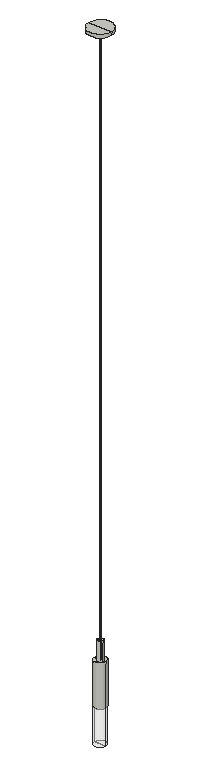
Revit family "Hemera_MIM_Mia-micro-suspension_R21", category Lighting Fixtures, host Ceiling, Revit 2021
Family settings
  Host = Ceiling
  Round Connector Dimension = Use Diameter
  Part Type = Normal
  OmniClass Number = 23.80.70.11
  OmniClass Title = Luminaries for Internal Lighting
  Always vertical = Yes
  Cut with Voids When Loaded = No
  Light Source = Yes
  Shared = No
  Room Calculation Point = No
Parameters (values of type "MIM-31-COC-SM-COB-5W/90/35K-REM-MC-UNV")
  Wattage = 6.05 W
  built-in parameter 1150110 = 1 (stored number, unit not read)
  HL_Wattage [instance] = if(HL_Voltage_120V, 6.1 W, 6.8 W)  # 6.1 W
  HL_Voltage_120V [instance] = yes
  HL_Voltage [instance] = if(HL_Voltage_120V, 120 V, 277 V)  # 120 V
  HL_URL = "http://www.hemeralighting.org/pdf/mia-micro-suspension"
  HL_CylinderSize = 76.20 mm
  HL_Suspension [instance] = if(HL_CableLength < 101.60 mm, 101.60 mm, if(HL_CableLength > 9144.00 mm, 9144.00 mm, HL_CableLength))  # 1219.20 mm
  HL_CordDiameter = if(HL_COC, 3.18 mm / 2, 6.35 mm / 2)  # 1.59 mm
  HL_CanopyRadius = HL_CanopyDiameter / 2  # 25.40 mm
  HL_REM-MC = not(HL_D010)  # yes
  HL_NumberofPoles = 1
  HL_Model = "MIA Micro-Suspension"  # constant formula
  HL_CableLength [instance] = 1219.20 mm
  HL_LoadClassification = Eclairage
  HL_CanopyHeigth = 6.35 mm  # constant formula
  HL_Frequency = 60 Hz
  HL_FinishCanopy = 31-Polished nickel plated
  HL_FinishCylinder = 31-Polished nickel plated
  HL_FinishCable = COC-Coaxial cable
  HL_Manufacturer = "Hèmèra Inc."  # constant formula
  HL_CanopyDiameter = 50.80 mm  # constant formula
  HL_CableStart = if(HL_D010, 10.92 mm + 1.65 mm + 19.05 mm, 6.35 mm + 9.53 mm)  # 15.88 mm
  HL_D010 = no
  HL_ProductCode = "MIM"  # constant formula
  HL_FeatureCode = "MIM-31-COC-SM-COB-5W/90/35K-REM-MC-UNV"
  HL_COC = yes
  HL_Amperage [instance] = if(HL_Voltage_120V, 0.05 A, 0.03 A)  # 0.05 A
  Photometric Web File = "MIM.IES"
  built-in parameter 1114217 = 0.7 (stored number, unit not read)
  built-in parameter 1150109 = 1 (stored number, unit not read)
  Emit from Circle Diameter = 50.80 mm  # constant formula
  Emit Shape Visible in Rendering = no
  built-in parameter 1150134 = (empty or 0)
  built-in parameter 1150113 = 1 (stored number, unit not read)
  Lumens = 315.205 lm
  built-in parameter 1150115 = 1 (stored number, unit not read)
  built-in parameter 1150105 = 25.083 (stored number, unit not read)
  built-in parameter 1150137 = (empty or 0)
  built-in parameter 1150139 = (empty or 0)
  built-in parameter 1150112 = 1 (stored number, unit not read)
  built-in parameter 1150114 = 1 (stored number, unit not read)
  built-in parameter 1150132 = (empty or 0)
  built-in parameter 1150102 = (empty or 0)
  built-in parameter 1150138 = (empty or 0)
  built-in parameter 1150107 = 3500 (stored number, unit not read)
  built-in parameter 1150106 = 0.25083 (stored number, unit not read)
  built-in parameter 1150104 = 4.8402 (stored number, unit not read)
  Dimming Lamp Color Temperature Shift = <None>
  Default Elevation = 0.00 mm
  Color Filter = 16777215
  built-in parameter 1114218 = 1 (stored number, unit not read)
  Tilt Angle = 90.00°  # constant formula
  built-in parameter 1150133 = 10 (stored number, unit not read)
Reference planes
  plane 1 "Light Source Axis (F/B)": y = 0
  plane 2 "Ceiling": z = 2438.4
  plane 3 "Light Source Axis (L/R)": x = 0
  plane 4 "Light Source Elevation": z = 1114.42
  plane 5: z = 1203.32
  plane 6: z = 2422.52
  plane 7: z = 2427.478
  plane 8: z = 2425.827
  plane 9: z = 2406.777
  plane 10: x = -57.15
  plane 11: x = 57.15
  plane 12: x = -63.5
  plane 13: x = 63.5
  plane 14: y = 57.15
  plane 15: y = -57.15
  plane 16: y = 63.5
  plane 17: y = -63.5
  plane 18: z = 1241.42
  plane 19: z = 1038.22
Forms (mm)
  Revolve 1, solid, material "31-Polished nickel plated" <- "HL_FinishCanopy", visible <- "HL_REM-MC"
    sketch origin (0, 0, 0) x (1, 0, 0) y (0, 0, 1)
      loop
        line (-25.4, 2438.4) -> (-25.4, 2432.05) -> (-9.525, 2432.05) -> (-9.525, 2422.525) -> (0, 2422.525) -> (0, 2438.4) -> (-25.4, 2438.4)
      axis (0, 2438.4) -> (0, 2422.525)
    angle from 0 to 360
  Revolve 2, solid, material "31-Polished nickel plated" <- "HL_FinishCylinder"
    sketch origin (0, 0, 0) x (1, 0, 0) y (0, 0, 1)
      loop
        line (0, 1203.32) -> (-12.7, 1203.32) -> (-12.7, 1114.42) -> (0, 1114.42) -> (0, 1203.32)
      axis (0, 1203.32) -> (0, 1114.42)
    angle from 0 to 360
  Revolve 3, solid, material "COC-Coaxial cable" <- "HL_FinishCable"
    sketch origin (0, 0, 0) x (1, 0, 0) y (0, 0, 1)
      loop
        line (0, 2422.52) -> (-1.59, 2422.52) -> (-1.59, 1203.32) -> (0, 1203.32) -> (0, 2422.52)
      axis (0, 2422.52) -> (0, 1203.32)
    angle from 0 to 360
  Extrusion 4, solid, material "31-Polished nickel plated" <- "HL_FinishCanopy", visible <- "HL_D010"
    sketch origin (0, 0, 0) x (1, 0, 0) y (0, 1, 0)
      loop
        line (-57.15, 57.15) -> (-57.15, -57.15) -> (57.15, -57.15) -> (57.15, 57.15) -> (-57.15, 57.15)
    from 2427.478 to 2438.4
  Extrusion 5, solid, material "31-Polished nickel plated" <- "HL_FinishCanopy", visible <- "HL_D010"
    sketch origin (0, 0, 0) x (1, 0, 0) y (0, 1, 0)
      loop
        line (-63.5, 63.5) -> (-63.5, -63.5) -> (63.5, -63.5) -> (63.5, 63.5) -> (-63.5, 63.5)
    from 2425.827 to 2427.478
  Revolve 6, solid, material "31-Polished nickel plated" <- "HL_FinishCanopy", visible <- "HL_D010"
    sketch origin (0, 0, 0) x (1, 0, 0) y (0, 0, 1)
      loop
        line (0, 2406.777) -> (6.35, 2406.777) -> (6.35, 2425.827) -> (0, 2425.827) -> (0, 2406.777)
      axis (0, 2406.777) -> (0, 2425.827)
    angle from 0 to 360
  Revolve 7, solid, material "Clear frosted rod acrylic"
    sketch origin (0, 0, 0) x (1, 0, 0) y (0, 0, 1)
      loop
        line (12.7, 1038.22) -> (12.7, 1114.42) -> (0, 1114.42) -> (0, 1038.22) -> (12.7, 1038.22)
      axis (0, 1038.22) -> (0, 1114.42)
    angle from 0 to 360
  Revolve 8, solid, material "31-Polished nickel plated" <- "HL_FinishCylinder"
    sketch origin (0, 0, 0) x (1, 0, 0) y (0, 0, 1)
      loop
        line (0, 1203.32) -> (6.35, 1203.32) -> (6.35, 1241.42) -> (0, 1241.42) -> (0, 1203.32)
      axis (0, 1203.32) -> (0, 1241.42)
    angle from 0 to 360
Text (mm)
  text "TO THE USER:\n To modify the length of the suspension cable, use the \"HL_CableLength\" occurrence parameter, which will send the information to the \"HL_Suspension\" parameter, which contains a restriction formula to respect the following dimensions of the cable:\n1. Minimum = 101.6 mm (4\")\n2. Maximum = 9144 mm (360\")\n To change the voltage of the power supply, you must check or uncheck, as the case may be, the occurrence parameter \"HL_Voltage_120V\"" at (-247.979, -3680.511, 2324.672), in view "Back"
  text "À L'UTILISATEUR:\nPour modifier la longueur du câble de suspension il faut utiliser le paramètre d'occurence \"HL_HL_CableLength\" lequel va envoyer l'information au paramètre \"HL_Suspension\" qui contient une formule de restriction pour respecter les dimensions suivantes du câble:\nMinimum = 101.6 mm (4\")\nMaximum = 9144 mm (360\")\nPour modifier le voltage d'alimentation électrique il faut cocher ou décocher, selon le cas, le paramètre d'occurence \"HL_Voltage_120V\"" at (-247.979, -3680.511, 1673.568), in view "Back"
Dimensions and locks
  equal spacing: host sketch curve, plane 3 "Light Source Axis (L/R)", host sketch curve
  equal spacing: host sketch curve, plane 1 "Light Source Axis (F/B)", host sketch curve
  host sketch curve to host sketch curve = 3048.00 mm  (x2)
  "HL_CanopyRadius": Revolve 1 sketch curve to plane 3 "Light Source Axis (L/R)"
  "HL_CanopyHeigth": plane 2 "Ceiling" to Revolve 1 sketch curve
  locked: Revolve 1 sketch curve to Revolve 1 sketch curve at 9.525  (x2)
  "HL_CableStart": plane 2 "Ceiling" to plane 6
  "HL_Suspension": plane 6 to plane 5
  locked: plane 5 to plane 4 "Light Source Elevation" at 88.9
  "HL_CordDiameter": plane 3 "Light Source Axis (L/R)" to Revolve 3 sketch curve
  equal spacing: plane 10, plane 3 "Light Source Axis (L/R)", plane 11
  locked: plane 10 to plane 3 "Light Source Axis (L/R)" at 57.15
  equal spacing: plane 14, plane 1 "Light Source Axis (F/B)", plane 15
  locked: plane 1 "Light Source Axis (F/B)" to plane 14 at 57.15
  equal spacing: plane 12, plane 3 "Light Source Axis (L/R)", plane 13
  locked: plane 12 to plane 3 "Light Source Axis (L/R)" at 63.5
  equal spacing: plane 16, plane 1 "Light Source Axis (F/B)", plane 17
  locked: plane 16 to plane 1 "Light Source Axis (F/B)" at 63.5
  locked: Revolve 6 sketch curve to plane 3 "Light Source Axis (L/R)" at 6.35
  "HL_CylinderSize": plane 19 to plane 4 "Light Source Elevation"
  locked: plane 3 "Light Source Axis (L/R)" to Revolve 2 sketch curve at 12.7
  locked: plane 5 to plane 18 at 38.1
  plane 9 to plane 8 to plane 7 to Revolve 1 = 19.05 mm locked, 1.651 mm locked, 10.922 mm locked
  aligned and locked: plane 3 "Light Source Axis (L/R)" to imposter light
  aligned and locked: plane 1 "Light Source Axis (F/B)" to imposter light
  aligned and locked: plane 4 "Light Source Elevation" to imposter light
  aligned and locked: Revolve 1 sketch curve to plane 3 "Light Source Axis (L/R)"  (x2)
  aligned and locked: Revolve 1 sketch curve to plane 2 "Ceiling"
  aligned and locked: Revolve 2 sketch curve to plane 3 "Light Source Axis (L/R)"  (x2)
  aligned and locked: Revolve 2 sketch curve to plane 5
  aligned and locked: Revolve 3 sketch curve to plane 3 "Light Source Axis (L/R)"  (x2)
  aligned and locked: Revolve 3 sketch curve to plane 6
  aligned and locked: Revolve 3 sketch curve to plane 5
  aligned and locked: Extrusion 4 sketch curve to plane 14
  aligned and locked: Extrusion 4 sketch curve to plane 10
  aligned and locked: Extrusion 4 sketch curve to plane 11
  aligned and locked: Extrusion 4 sketch curve to plane 15
  aligned and locked: Extrusion 5 sketch curve to plane 16
  aligned and locked: Extrusion 5 sketch curve to plane 12
  aligned and locked: Extrusion 5 sketch curve to plane 17
  aligned and locked: Extrusion 5 sketch curve to plane 13
  aligned and locked: plane 3 "Light Source Axis (L/R)" to Revolve 6 sketch curve  (x2)
  aligned and locked: plane 4 "Light Source Elevation" to Revolve 2
  aligned and locked: plane 3 "Light Source Axis (L/R)" to Revolve 7 sketch curve  (x2)
  aligned and locked: plane 19 to Revolve 7 sketch curve
  aligned and locked: plane 4 "Light Source Elevation" to Revolve 7 sketch curve
  aligned and locked: plane 3 "Light Source Axis (L/R)" to Revolve 8 sketch curve  (x2)
  aligned and locked: plane 18 to Revolve 8 sketch curve
  aligned and locked: plane 5 to Revolve 8 sketch curve
  aligned and locked: plane 7 to Extrusion 5
  aligned and locked: Extrusion 5 to plane 8
  aligned and locked: plane 9 to Revolve 6
  aligned and locked: plane 8 to Revolve 6
  aligned and locked: Extrusion 4 to plane 7
  aligned and locked: Extrusion 4 to Revolve 1
Automatic sketch dimensions
  Revolve 2 sketch curve to level = 304.80 mm
  plane 2 "Ceiling" to Revolve 2 sketch curve = 324.435 mm
  Revolve 1 sketch curve to level = 304.80 mm
  plane 2 "Ceiling" to Revolve 1 sketch curve = 324.435 mm
  Revolve 6 sketch curve to level = 89.409 mm
  plane 2 "Ceiling" to Revolve 6 sketch curve = 254.00 mm
  Revolve 2 sketch curve to plane 5 = 88.90 mm
  Revolve 7 sketch curve to level = 89.409 mm
  plane 2 "Ceiling" to Revolve 7 sketch curve = 254.00 mm
  Revolve 7 sketch curve to plane 13 = 50.80 mm
  Revolve 8 sketch curve to level = 89.409 mm
  plane 2 "Ceiling" to Revolve 8 sketch curve = 254.00 mm
  Revolve 8 sketch curve to plane 13 = 57.15 mm
  Revolve 6 sketch curve to plane 8 = 0.00 mm
  plane 9 to Revolve 6 sketch curve = 0.00 mm
  Revolve 3 sketch curve to level = 304.80 mm
  plane 2 "Ceiling" to Revolve 3 sketch curve = 324.435 mm
Connectors
  electrical at (0, 0, 2438.4), driven by "HL_NumberofPoles", driven by "HL_Voltage", driven by "HL_LoadClassification"
    settings: on Revolve 1, index 1, voltage 120 V, apparent load 0 VA, apparent load phase1 0 VA, apparent load phase2 0 VA, apparent load phase3 0 VA, power factor 1, load classification "Eclairage", number of poles 1, system type 30, power factor state 1, is connector primary yes, connector utility no, sub classification motor no, connector description ""
Types (240, lengths in mm): name | HL_CylinderSize | HL_CordDiameter | HL_REM-MC | HL_FinishCanopy | HL_FinishCylinder | HL_FinishCable | HL_CableStart | HL_D010 | HL_FeatureCode | HL_COC
  MIM-31-PWC-SM-COB-5W/90/35K-D010-UNV | 76.20 | 3.175 | no | 31-Polished nickel plated | 31-Polished nickel plated | PWC-Pearly white cord | 31.62 | yes | "MIM-31-PWC-SM-COB-5W/90/35K-D010-UNV" | no
  MIM-31-PWC-MD-COB-5W/90/35K-D010-UNV | 165.10 | 3.175 | no | 31-Polished nickel plated | 31-Polished nickel plated | PWC-Pearly white cord | 31.62 | yes | "MIM-31-PWC-MD-COB-5W/90/35K-D010-UNV" | no
  MIM-31-PWC-LG-COB-5W/90/35K-D010-UNV | 317.50 | 3.175 | no | 31-Polished nickel plated | 31-Polished nickel plated | PWC-Pearly white cord | 31.62 | yes | "MIM-31-PWC-LG-COB-5W/90/35K-D010-UNV" | no
  MIM-31-PWC-LG-COB-5W/90/35K-REM-MC-UNV | 317.50 | 3.175 | yes | 31-Polished nickel plated | 31-Polished nickel plated | PWC-Pearly white cord | 15.88 | no | "MIM-31-PWC-LG-COB-5W/90/35K-REM-MC-UNV" | no
  MIM-31-PWC-MD-COB-5W/90/35K-REM-MC-UNV | 165.10 | 3.175 | yes | 31-Polished nickel plated | 31-Polished nickel plated | PWC-Pearly white cord | 15.88 | no | "MIM-31-PWC-MD-COB-5W/90/35K-REM-MC-UNV" | no
  MIM-31-PWC-SM-COB-5W/90/35K-REM-MC-UNV | 76.20 | 3.175 | yes | 31-Polished nickel plated | 31-Polished nickel plated | PWC-Pearly white cord | 15.88 | no | "MIM-31-PWC-SM-COB-5W/90/35K-REM-MC-UNV" | no
  MIM-24-SGC-SM-COB-5W/90/35K-REM-MC-UNV | 76.20 | 3.175 | yes | 24-Brushed nickel plated | 24-Brushed nickel plated | SGC-Satin gold cord | 15.88 | no | "MIM-24-SGC-SM-COB-5W/90/35K-REM-MC-UNV" | no
  MIM-24-SGC-MD-COB-5W/90/35K-REM-MC-UNV | 165.10 | 3.175 | yes | 24-Brushed nickel plated | 24-Brushed nickel plated | SGC-Satin gold cord | 15.88 | no | "MIM-24-SGC-MD-COB-5W/90/35K-REM-MC-UNV" | no
  MIM-24-SGC-LG-COB-5W/90/35K-REM-MC-UNV | 317.50 | 3.175 | yes | 24-Brushed nickel plated | 24-Brushed nickel plated | SGC-Satin gold cord | 15.88 | no | "MIM-24-SGC-LG-COB-5W/90/35K-REM-MC-UNV" | no
  MIM-24-SGC-LG-COB-5W/90/35K-D010-UNV | 317.50 | 3.175 | no | 24-Brushed nickel plated | 24-Brushed nickel plated | SGC-Satin gold cord | 31.62 | yes | "MIM-24-SGC-LG-COB-5W/90/35K-D010-UNV" | no
  MIM-24-SGC-MD-COB-5W/90/35K-D010-UNV | 165.10 | 3.175 | no | 24-Brushed nickel plated | 24-Brushed nickel plated | SGC-Satin gold cord | 31.62 | yes | "MIM-24-SGC-MD-COB-5W/90/35K-D010-UNV" | no
  MIM-24-SGC-SM-COB-5W/90/35K-D010-UNV | 76.20 | 3.175 | no | 24-Brushed nickel plated | 24-Brushed nickel plated | SGC-Satin gold cord | 31.62 | yes | "MIM-24-SGC-SM-COB-5W/90/35K-D010-UNV" | no
  MIM-24-SBC-SM-COB-5W/90/35K-REM-MC-UNV | 76.20 | 3.175 | yes | 24-Brushed nickel plated | 24-Brushed nickel plated | SBC-Silky black cord | 15.88 | no | "MIM-24-SBC-SM-COB-5W/90/35K-REM-MC-UNV" | no
  MIM-24-SBC-MD-COB-5W/90/35K-REM-MC-UNV | 165.10 | 3.175 | yes | 24-Brushed nickel plated | 24-Brushed nickel plated | SBC-Silky black cord | 15.88 | no | "MIM-24-SBC-MD-COB-5W/90/35K-REM-MC-UNV" | no
  MIM-24-SBC-LG-COB-5W/90/35K-REM-MC-UNV | 317.50 | 3.175 | yes | 24-Brushed nickel plated | 24-Brushed nickel plated | SBC-Silky black cord | 15.88 | no | "MIM-24-SBC-LG-COB-5W/90/35K-REM-MC-UNV" | no
  MIM-24-SBC-LG-COB-5W/90/35K-D010-UNV | 317.50 | 3.175 | no | 24-Brushed nickel plated | 24-Brushed nickel plated | SBC-Silky black cord | 31.62 | yes | "MIM-24-SBC-LG-COB-5W/90/35K-D010-UNV" | no
  MIM-24-SBC-MD-COB-5W/90/35K-D010-UNV | 165.10 | 3.175 | no | 24-Brushed nickel plated | 24-Brushed nickel plated | SBC-Silky black cord | 31.62 | yes | "MIM-24-SBC-MD-COB-5W/90/35K-D010-UNV" | no
  MIM-24-SBC-SM-COB-5W/90/35K-D010-UNV | 76.20 | 3.175 | no | 24-Brushed nickel plated | 24-Brushed nickel plated | SBC-Silky black cord | 31.62 | yes | "MIM-24-SBC-SM-COB-5W/90/35K-D010-UNV" | no
  MIM-24-COC-SM-COB-5W/90/35K-REM-MC-UNV | 76.20 | 1.59 | yes | 24-Brushed nickel plated | 24-Brushed nickel plated | COC-Coaxial cable | 15.88 | no | "MIM-24-COC-SM-COB-5W/90/35K-REM-MC-UNV" | yes
  MIM-24-COC-MD-COB-5W/90/35K-REM-MC-UNV | 165.10 | 1.59 | yes | 24-Brushed nickel plated | 24-Brushed nickel plated | COC-Coaxial cable | 15.88 | no | "MIM-24-COC-MD-COB-5W/90/35K-REM-MC-UNV" | yes
  MIM-24-COC-LG-COB-5W/90/35K-REM-MC-UNV | 317.50 | 1.59 | yes | 24-Brushed nickel plated | 24-Brushed nickel plated | COC-Coaxial cable | 15.88 | no | "MIM-24-COC-LG-COB-5W/90/35K-REM-MC-UNV" | yes
  MIM-24-COC-LG-COB-5W/90/35K-D010-UNV | 317.50 | 1.59 | no | 24-Brushed nickel plated | 24-Brushed nickel plated | COC-Coaxial cable | 31.62 | yes | "MIM-24-COC-LG-COB-5W/90/35K-D010-UNV" | yes
  MIM-24-COC-MD-COB-5W/90/35K-D010-UNV | 165.10 | 1.59 | no | 24-Brushed nickel plated | 24-Brushed nickel plated | COC-Coaxial cable | 31.62 | yes | "MIM-24-COC-MD-COB-5W/90/35K-D010-UNV" | yes
  MIM-24-COC-SM-COB-5W/90/35K-D010-UNV | 76.20 | 1.59 | no | 24-Brushed nickel plated | 24-Brushed nickel plated | COC-Coaxial cable | 31.62 | yes | "MIM-24-COC-SM-COB-5W/90/35K-D010-UNV" | yes
  MIM-24-AGC-SM-COB-5W/90/35K-REM-MC-UNV | 76.20 | 3.175 | yes | 24-Brushed nickel plated | 24-Brushed nickel plated | AGC-Anthracite gray cord | 15.88 | no | "MIM-24-AGC-SM-COB-5W/90/35K-REM-MC-UNV" | no
  MIM-24-AGC-MD-COB-5W/90/35K-REM-MC-UNV | 165.10 | 3.175 | yes | 24-Brushed nickel plated | 24-Brushed nickel plated | AGC-Anthracite gray cord | 15.88 | no | "MIM-24-AGC-MD-COB-5W/90/35K-REM-MC-UNV" | no
  MIM-24-AGC-LG-COB-5W/90/35K-REM-MC-UNV | 317.50 | 3.175 | yes | 24-Brushed nickel plated | 24-Brushed nickel plated | AGC-Anthracite gray cord | 15.88 | no | "MIM-24-AGC-LG-COB-5W/90/35K-REM-MC-UNV" | no
  MIM-24-AGC-LG-COB-5W/90/35K-D010-UNV | 317.50 | 3.175 | no | 24-Brushed nickel plated | 24-Brushed nickel plated | AGC-Anthracite gray cord | 31.62 | yes | "MIM-24-AGC-LG-COB-5W/90/35K-D010-UNV" | no
  MIM-24-AGC-MD-COB-5W/90/35K-D010-UNV | 165.10 | 3.175 | no | 24-Brushed nickel plated | 24-Brushed nickel plated | AGC-Anthracite gray cord | 31.62 | yes | "MIM-24-AGC-MD-COB-5W/90/35K-D010-UNV" | no
  MIM-24-AGC-SM-COB-5W/90/35K-D010-UNV | 76.20 | 3.175 | no | 24-Brushed nickel plated | 24-Brushed nickel plated | AGC-Anthracite gray cord | 31.62 | yes | "MIM-24-AGC-SM-COB-5W/90/35K-D010-UNV" | no
  MIM-24-PWC-SM-COB-5W/90/35K-REM-MC-UNV | 76.20 | 3.175 | yes | 24-Brushed nickel plated | 24-Brushed nickel plated | PWC-Pearly white cord | 15.88 | no | "MIM-24-PWC-SM-COB-5W/90/35K-REM-MC-UNV" | no
  MIM-24-PWC-MD-COB-5W/90/35K-REM-MC-UNV | 165.10 | 3.175 | yes | 24-Brushed nickel plated | 24-Brushed nickel plated | PWC-Pearly white cord | 15.88 | no | "MIM-24-PWC-MD-COB-5W/90/35K-REM-MC-UNV" | no
  MIM-24-PWC-LG-COB-5W/90/35K-REM-MC-UNV | 317.50 | 3.175 | yes | 24-Brushed nickel plated | 24-Brushed nickel plated | PWC-Pearly white cord | 15.88 | no | "MIM-24-PWC-LG-COB-5W/90/35K-REM-MC-UNV" | no
  MIM-24-PWC-LG-COB-5W/90/35K-D010-UNV | 317.50 | 3.175 | no | 24-Brushed nickel plated | 24-Brushed nickel plated | PWC-Pearly white cord | 31.62 | yes | "MIM-24-PWC-LG-COB-5W/90/35K-D010-UNV" | no
  MIM-24-PWC-MD-COB-5W/90/35K-D010-UNV | 165.10 | 3.175 | no | 24-Brushed nickel plated | 24-Brushed nickel plated | PWC-Pearly white cord | 31.62 | yes | "MIM-24-PWC-MD-COB-5W/90/35K-D010-UNV" | no
  MIM-24-PWC-SM-COB-5W/90/35K-D010-UNV | 76.20 | 3.175 | no | 24-Brushed nickel plated | 24-Brushed nickel plated | PWC-Pearly white cord | 31.62 | yes | "MIM-24-PWC-SM-COB-5W/90/35K-D010-UNV" | no
  MIM-22-SGC-SM-COB-5W/90/35K-REM-MC-UNV | 76.20 | 3.175 | yes | 22-Brushed gold plated | 22-Brushed gold plated | SGC-Satin gold cord | 15.88 | no | "MIM-22-SGC-SM-COB-5W/90/35K-REM-MC-UNV" | no
  MIM-22-SGC-MD-COB-5W/90/35K-REM-MC-UNV | 165.10 | 3.175 | yes | 22-Brushed gold plated | 22-Brushed gold plated | SGC-Satin gold cord | 15.88 | no | "MIM-22-SGC-MD-COB-5W/90/35K-REM-MC-UNV" | no
  MIM-22-SGC-LG-COB-5W/90/35K-REM-MC-UNV | 317.50 | 3.175 | yes | 22-Brushed gold plated | 22-Brushed gold plated | SGC-Satin gold cord | 15.88 | no | "MIM-22-SGC-LG-COB-5W/90/35K-REM-MC-UNV" | no
  MIM-22-SGC-LG-COB-5W/90/35K-D010-UNV | 317.50 | 3.175 | no | 22-Brushed gold plated | 22-Brushed gold plated | SGC-Satin gold cord | 31.62 | yes | "MIM-22-SGC-LG-COB-5W/90/35K-D010-UNV" | no
  MIM-22-SGC-MD-COB-5W/90/35K-D010-UNV | 165.10 | 3.175 | no | 22-Brushed gold plated | 22-Brushed gold plated | SGC-Satin gold cord | 31.62 | yes | "MIM-22-SGC-MD-COB-5W/90/35K-D010-UNV" | no
  MIM-22-SGC-SM-COB-5W/90/35K-D010-UNV | 76.20 | 3.175 | no | 22-Brushed gold plated | 22-Brushed gold plated | SGC-Satin gold cord | 31.62 | yes | "MIM-22-SGC-SM-COB-5W/90/35K-D010-UNV" | no
  MIM-22-SBC-SM-COB-5W/90/35K-REM-MC-UNV | 76.20 | 3.175 | yes | 22-Brushed gold plated | 22-Brushed gold plated | SBC-Silky black cord | 15.88 | no | "MIM-22-SBC-SM-COB-5W/90/35K-REM-MC-UNV" | no
  MIM-22-SBC-MD-COB-5W/90/35K-REM-MC-UNV | 165.10 | 3.175 | yes | 22-Brushed gold plated | 22-Brushed gold plated | SBC-Silky black cord | 15.88 | no | "MIM-22-SBC-MD-COB-5W/90/35K-REM-MC-UNV" | no
  MIM-22-SBC-LG-COB-5W/90/35K-REM-MC-UNV | 317.50 | 3.175 | yes | 22-Brushed gold plated | 22-Brushed gold plated | SBC-Silky black cord | 15.88 | no | "MIM-22-SBC-LG-COB-5W/90/35K-REM-MC-UNV" | no
  MIM-22-SBC-LG-COB-5W/90/35K-D010-UNV | 317.50 | 3.175 | no | 22-Brushed gold plated | 22-Brushed gold plated | SBC-Silky black cord | 31.62 | yes | "MIM-22-SBC-LG-COB-5W/90/35K-D010-UNV" | no
  MIM-22-SBC-MD-COB-5W/90/35K-D010-UNV | 165.10 | 3.175 | no | 22-Brushed gold plated | 22-Brushed gold plated | SBC-Silky black cord | 31.62 | yes | "MIM-22-SBC-MD-COB-5W/90/35K-D010-UNV" | no
  MIM-22-SBC-SM-COB-5W/90/35K-D010-UNV | 76.20 | 3.175 | no | 22-Brushed gold plated | 22-Brushed gold plated | SBC-Silky black cord | 31.62 | yes | "MIM-22-SBC-SM-COB-5W/90/35K-D010-UNV" | no
  MIM-22-COC-SM-COB-5W/90/35K-REM-MC-UNV | 76.20 | 1.59 | yes | 22-Brushed gold plated | 22-Brushed gold plated | COC-Coaxial cable | 15.88 | no | "MIM-22-COC-SM-COB-5W/90/35K-REM-MC-UNV" | yes
  MIM-22-COC-MD-COB-5W/90/35K-REM-MC-UNV | 165.10 | 1.59 | yes | 22-Brushed gold plated | 22-Brushed gold plated | COC-Coaxial cable | 15.88 | no | "MIM-22-COC-MD-COB-5W/90/35K-REM-MC-UNV" | yes
  MIM-22-COC-LG-COB-5W/90/35K-REM-MC-UNV | 317.50 | 1.59 | yes | 22-Brushed gold plated | 22-Brushed gold plated | COC-Coaxial cable | 15.88 | no | "MIM-22-COC-LG-COB-5W/90/35K-REM-MC-UNV" | yes
  MIM-22-COC-LG-COB-5W/90/35K-D010-UNV | 317.50 | 1.59 | no | 22-Brushed gold plated | 22-Brushed gold plated | COC-Coaxial cable | 31.62 | yes | "MIM-22-COC-LG-COB-5W/90/35K-D010-UNV" | yes
  MIM-22-COC-MD-COB-5W/90/35K-D010-UNV | 165.10 | 1.59 | no | 22-Brushed gold plated | 22-Brushed gold plated | COC-Coaxial cable | 31.62 | yes | "MIM-22-COC-MD-COB-5W/90/35K-D010-UNV" | yes
  MIM-22-COC-SM-COB-5W/90/35K-D010-UNV | 76.20 | 1.59 | no | 22-Brushed gold plated | 22-Brushed gold plated | COC-Coaxial cable | 31.62 | yes | "MIM-22-COC-SM-COB-5W/90/35K-D010-UNV" | yes
  MIM-22-AGC-SM-COB-5W/90/35K-REM-MC-UNV | 76.20 | 3.175 | yes | 22-Brushed gold plated | 22-Brushed gold plated | AGC-Anthracite gray cord | 15.88 | no | "MIM-22-AGC-SM-COB-5W/90/35K-REM-MC-UNV" | no
  MIM-22-AGC-MD-COB-5W/90/35K-REM-MC-UNV | 165.10 | 3.175 | yes | 22-Brushed gold plated | 22-Brushed gold plated | AGC-Anthracite gray cord | 15.88 | no | "MIM-22-AGC-MD-COB-5W/90/35K-REM-MC-UNV" | no
  MIM-22-AGC-LG-COB-5W/90/35K-REM-MC-UNV | 317.50 | 3.175 | yes | 22-Brushed gold plated | 22-Brushed gold plated | AGC-Anthracite gray cord | 15.88 | no | "MIM-22-AGC-LG-COB-5W/90/35K-REM-MC-UNV" | no
  MIM-22-AGC-LG-COB-5W/90/35K-D010-UNV | 317.50 | 3.175 | no | 22-Brushed gold plated | 22-Brushed gold plated | AGC-Anthracite gray cord | 31.62 | yes | "MIM-22-AGC-LG-COB-5W/90/35K-D010-UNV" | no
  MIM-22-AGC-MD-COB-5W/90/35K-D010-UNV | 165.10 | 3.175 | no | 22-Brushed gold plated | 22-Brushed gold plated | AGC-Anthracite gray cord | 31.62 | yes | "MIM-22-AGC-MD-COB-5W/90/35K-D010-UNV" | no
  MIM-22-AGC-SM-COB-5W/90/35K-D010-UNV | 76.20 | 3.175 | no | 22-Brushed gold plated | 22-Brushed gold plated | AGC-Anthracite gray cord | 31.62 | yes | "MIM-22-AGC-SM-COB-5W/90/35K-D010-UNV" | no
  MIM-22-PWC-SM-COB-5W/90/35K-REM-MC-UNV | 76.20 | 3.175 | yes | 22-Brushed gold plated | 22-Brushed gold plated | PWC-Pearly white cord | 15.88 | no | "MIM-22-PWC-SM-COB-5W/90/35K-REM-MC-UNV" | no
  MIM-22-PWC-MD-COB-5W/90/35K-REM-MC-UNV | 165.10 | 3.175 | yes | 22-Brushed gold plated | 22-Brushed gold plated | PWC-Pearly white cord | 15.88 | no | "MIM-22-PWC-MD-COB-5W/90/35K-REM-MC-UNV" | no
  MIM-22-PWC-LG-COB-5W/90/35K-REM-MC-UNV | 317.50 | 3.175 | yes | 22-Brushed gold plated | 22-Brushed gold plated | PWC-Pearly white cord | 15.88 | no | "MIM-22-PWC-LG-COB-5W/90/35K-REM-MC-UNV" | no
  MIM-22-PWC-LG-COB-5W/90/35K-D010-UNV | 317.50 | 3.175 | no | 22-Brushed gold plated | 22-Brushed gold plated | PWC-Pearly white cord | 31.62 | yes | "MIM-22-PWC-LG-COB-5W/90/35K-D010-UNV" | no
  MIM-22-PWC-MD-COB-5W/90/35K-D010-UNV | 165.10 | 3.175 | no | 22-Brushed gold plated | 22-Brushed gold plated | PWC-Pearly white cord | 31.62 | yes | "MIM-22-PWC-MD-COB-5W/90/35K-D010-UNV" | no
  MIM-22-PWC-SM-COB-5W/90/35K-D010-UNV | 76.20 | 3.175 | no | 22-Brushed gold plated | 22-Brushed gold plated | PWC-Pearly white cord | 31.62 | yes | "MIM-22-PWC-SM-COB-5W/90/35K-D010-UNV" | no
  MIM-21-SGC-SM-COB-5W/90/35K-REM-MC-UNV | 76.20 | 3.175 | yes | 21-Polished gold plated | 21-Polished gold plated | SGC-Satin gold cord | 15.88 | no | "MIM-21-SGC-SM-COB-5W/90/35K-REM-MC-UNV" | no
  MIM-21-SGC-MD-COB-5W/90/35K-REM-MC-UNV | 165.10 | 3.175 | yes | 21-Polished gold plated | 21-Polished gold plated | SGC-Satin gold cord | 15.88 | no | "MIM-21-SGC-MD-COB-5W/90/35K-REM-MC-UNV" | no
  MIM-21-SGC-LG-COB-5W/90/35K-REM-MC-UNV | 317.50 | 3.175 | yes | 21-Polished gold plated | 21-Polished gold plated | SGC-Satin gold cord | 15.88 | no | "MIM-21-SGC-LG-COB-5W/90/35K-REM-MC-UNV" | no
  MIM-21-SGC-LG-COB-5W/90/35K-D010-UNV | 317.50 | 3.175 | no | 21-Polished gold plated | 21-Polished gold plated | SGC-Satin gold cord | 31.62 | yes | "MIM-21-SGC-LG-COB-5W/90/35K-D010-UNV" | no
  MIM-21-SGC-MD-COB-5W/90/35K-D010-UNV | 165.10 | 3.175 | no | 21-Polished gold plated | 21-Polished gold plated | SGC-Satin gold cord | 31.62 | yes | "MIM-21-SGC-MD-COB-5W/90/35K-D010-UNV" | no
  MIM-21-SGC-SM-COB-5W/90/35K-D010-UNV | 76.20 | 3.175 | no | 21-Polished gold plated | 21-Polished gold plated | SGC-Satin gold cord | 31.62 | yes | "MIM-21-SGC-SM-COB-5W/90/35K-D010-UNV" | no
  MIM-21-SBC-SM-COB-5W/90/35K-REM-MC-UNV | 76.20 | 3.175 | yes | 21-Polished gold plated | 21-Polished gold plated | SBC-Silky black cord | 15.88 | no | "MIM-21-SBC-SM-COB-5W/90/35K-REM-MC-UNV" | no
  MIM-21-SBC-MD-COB-5W/90/35K-REM-MC-UNV | 165.10 | 3.175 | yes | 21-Polished gold plated | 21-Polished gold plated | SBC-Silky black cord | 15.88 | no | "MIM-21-SBC-MD-COB-5W/90/35K-REM-MC-UNV" | no
  MIM-21-SBC-LG-COB-5W/90/35K-REM-MC-UNV | 317.50 | 3.175 | yes | 21-Polished gold plated | 21-Polished gold plated | SBC-Silky black cord | 15.88 | no | "MIM-21-SBC-LG-COB-5W/90/35K-REM-MC-UNV" | no
  MIM-21-SBC-LG-COB-5W/90/35K-D010-UNV | 317.50 | 3.175 | no | 21-Polished gold plated | 21-Polished gold plated | SBC-Silky black cord | 31.62 | yes | "MIM-21-SBC-LG-COB-5W/90/35K-D010-UNV" | no
  MIM-21-SBC-MD-COB-5W/90/35K-D010-UNV | 165.10 | 3.175 | no | 21-Polished gold plated | 21-Polished gold plated | SBC-Silky black cord | 31.62 | yes | "MIM-21-SBC-MD-COB-5W/90/35K-D010-UNV" | no
  MIM-21-SBC-SM-COB-5W/90/35K-D010-UNV | 76.20 | 3.175 | no | 21-Polished gold plated | 21-Polished gold plated | SBC-Silky black cord | 31.62 | yes | "MIM-21-SBC-SM-COB-5W/90/35K-D010-UNV" | no
  MIM-21-COC-SM-COB-5W/90/35K-REM-MC-UNV | 76.20 | 1.59 | yes | 21-Polished gold plated | 21-Polished gold plated | COC-Coaxial cable | 15.88 | no | "MIM-21-COC-SM-COB-5W/90/35K-REM-MC-UNV" | yes
  MIM-21-COC-MD-COB-5W/90/35K-REM-MC-UNV | 165.10 | 1.59 | yes | 21-Polished gold plated | 21-Polished gold plated | COC-Coaxial cable | 15.88 | no | "MIM-21-COC-MD-COB-5W/90/35K-REM-MC-UNV" | yes
  MIM-21-COC-LG-COB-5W/90/35K-REM-MC-UNV | 317.50 | 1.59 | yes | 21-Polished gold plated | 21-Polished gold plated | COC-Coaxial cable | 15.88 | no | "MIM-21-COC-LG-COB-5W/90/35K-REM-MC-UNV" | yes
  MIM-21-COC-LG-COB-5W/90/35K-D010-UNV | 317.50 | 1.59 | no | 21-Polished gold plated | 21-Polished gold plated | COC-Coaxial cable | 31.62 | yes | "MIM-21-COC-LG-COB-5W/90/35K-D010-UNV" | yes
  MIM-21-COC-MD-COB-5W/90/35K-D010-UNV | 165.10 | 1.59 | no | 21-Polished gold plated | 21-Polished gold plated | COC-Coaxial cable | 31.62 | yes | "MIM-21-COC-MD-COB-5W/90/35K-D010-UNV" | yes
  MIM-21-COC-SM-COB-5W/90/35K-D010-UNV | 76.20 | 1.59 | no | 21-Polished gold plated | 21-Polished gold plated | COC-Coaxial cable | 31.62 | yes | "MIM-21-COC-SM-COB-5W/90/35K-D010-UNV" | yes
  MIM-21-AGC-SM-COB-5W/90/35K-REM-MC-UNV | 76.20 | 3.175 | yes | 21-Polished gold plated | 21-Polished gold plated | AGC-Anthracite gray cord | 15.88 | no | "MIM-21-AGC-SM-COB-5W/90/35K-REM-MC-UNV" | no
  MIM-21-AGC-MD-COB-5W/90/35K-REM-MC-UNV | 165.10 | 3.175 | yes | 21-Polished gold plated | 21-Polished gold plated | AGC-Anthracite gray cord | 15.88 | no | "MIM-21-AGC-MD-COB-5W/90/35K-REM-MC-UNV" | no
  MIM-21-AGC-LG-COB-5W/90/35K-REM-MC-UNV | 317.50 | 3.175 | yes | 21-Polished gold plated | 21-Polished gold plated | AGC-Anthracite gray cord | 15.88 | no | "MIM-21-AGC-LG-COB-5W/90/35K-REM-MC-UNV" | no
  MIM-21-AGC-LG-COB-5W/90/35K-D010-UNV | 317.50 | 3.175 | no | 21-Polished gold plated | 21-Polished gold plated | AGC-Anthracite gray cord | 31.62 | yes | "MIM-21-AGC-LG-COB-5W/90/35K-D010-UNV" | no
  MIM-21-AGC-MD-COB-5W/90/35K-D010-UNV | 165.10 | 3.175 | no | 21-Polished gold plated | 21-Polished gold plated | AGC-Anthracite gray cord | 31.62 | yes | "MIM-21-AGC-MD-COB-5W/90/35K-D010-UNV" | no
  MIM-21-AGC-SM-COB-5W/90/35K-D010-UNV | 76.20 | 3.175 | no | 21-Polished gold plated | 21-Polished gold plated | AGC-Anthracite gray cord | 31.62 | yes | "MIM-21-AGC-SM-COB-5W/90/35K-D010-UNV" | no
  MIM-21-PWC-SM-COB-5W/90/35K-REM-MC-UNV | 76.20 | 3.175 | yes | 21-Polished gold plated | 21-Polished gold plated | PWC-Pearly white cord | 15.88 | no | "MIM-21-PWC-SM-COB-5W/90/35K-REM-MC-UNV" | no
  MIM-21-PWC-MD-COB-5W/90/35K-REM-MC-UNV | 165.10 | 3.175 | yes | 21-Polished gold plated | 21-Polished gold plated | PWC-Pearly white cord | 15.88 | no | "MIM-21-PWC-MD-COB-5W/90/35K-REM-MC-UNV" | no
  MIM-21-PWC-LG-COB-5W/90/35K-REM-MC-UNV | 317.50 | 3.175 | yes | 21-Polished gold plated | 21-Polished gold plated | PWC-Pearly white cord | 15.88 | no | "MIM-21-PWC-LG-COB-5W/90/35K-REM-MC-UNV" | no
  MIM-21-PWC-LG-COB-5W/90/35K-D010-UNV | 317.50 | 3.175 | no | 21-Polished gold plated | 21-Polished gold plated | PWC-Pearly white cord | 31.62 | yes | "MIM-21-PWC-LG-COB-5W/90/35K-D010-UNV" | no
  MIM-21-PWC-MD-COB-5W/90/35K-D010-UNV | 165.10 | 3.175 | no | 21-Polished gold plated | 21-Polished gold plated | PWC-Pearly white cord | 31.62 | yes | "MIM-21-PWC-MD-COB-5W/90/35K-D010-UNV" | no
  MIM-21-PWC-SM-COB-5W/90/35K-D010-UNV | 76.20 | 3.175 | no | 21-Polished gold plated | 21-Polished gold plated | PWC-Pearly white cord | 31.62 | yes | "MIM-21-PWC-SM-COB-5W/90/35K-D010-UNV" | no
  MIM-08-SGC-SM-COB-5W/90/35K-REM-MC-UNV | 76.20 | 3.175 | yes | 08-Dark mat bronze painted | 08-Dark mat bronze painted | SGC-Satin gold cord | 15.88 | no | "MIM-08-SGC-SM-COB-5W/90/35K-REM-MC-UNV" | no
  MIM-08-SGC-MD-COB-5W/90/35K-REM-MC-UNV | 165.10 | 3.175 | yes | 08-Dark mat bronze painted | 08-Dark mat bronze painted | SGC-Satin gold cord | 15.88 | no | "MIM-08-SGC-MD-COB-5W/90/35K-REM-MC-UNV" | no
  MIM-08-SGC-LG-COB-5W/90/35K-REM-MC-UNV | 317.50 | 3.175 | yes | 08-Dark mat bronze painted | 08-Dark mat bronze painted | SGC-Satin gold cord | 15.88 | no | "MIM-08-SGC-LG-COB-5W/90/35K-REM-MC-UNV" | no
  MIM-08-SGC-LG-COB-5W/90/35K-D010-UNV | 317.50 | 3.175 | no | 08-Dark mat bronze painted | 08-Dark mat bronze painted | SGC-Satin gold cord | 31.62 | yes | "MIM-08-SGC-LG-COB-5W/90/35K-D010-UNV" | no
  MIM-08-SGC-MD-COB-5W/90/35K-D010-UNV | 165.10 | 3.175 | no | 08-Dark mat bronze painted | 08-Dark mat bronze painted | SGC-Satin gold cord | 31.62 | yes | "MIM-08-SGC-MD-COB-5W/90/35K-D010-UNV" | no
  MIM-08-SGC-SM-COB-5W/90/35K-D010-UNV | 76.20 | 3.175 | no | 08-Dark mat bronze painted | 08-Dark mat bronze painted | SGC-Satin gold cord | 31.62 | yes | "MIM-08-SGC-SM-COB-5W/90/35K-D010-UNV" | no
  MIM-08-SBC-SM-COB-5W/90/35K-REM-MC-UNV | 76.20 | 3.175 | yes | 08-Dark mat bronze painted | 08-Dark mat bronze painted | SBC-Silky black cord | 15.88 | no | "MIM-08-SBC-SM-COB-5W/90/35K-REM-MC-UNV" | no
  MIM-08-SBC-MD-COB-5W/90/35K-REM-MC-UNV | 165.10 | 3.175 | yes | 08-Dark mat bronze painted | 08-Dark mat bronze painted | SBC-Silky black cord | 15.88 | no | "MIM-08-SBC-MD-COB-5W/90/35K-REM-MC-UNV" | no
  MIM-08-SBC-LG-COB-5W/90/35K-REM-MC-UNV | 317.50 | 3.175 | yes | 08-Dark mat bronze painted | 08-Dark mat bronze painted | SBC-Silky black cord | 15.88 | no | "MIM-08-SBC-LG-COB-5W/90/35K-REM-MC-UNV" | no
  MIM-08-SBC-LG-COB-5W/90/35K-D010-UNV | 317.50 | 3.175 | no | 08-Dark mat bronze painted | 08-Dark mat bronze painted | SBC-Silky black cord | 31.62 | yes | "MIM-08-SBC-LG-COB-5W/90/35K-D010-UNV" | no
  MIM-08-SBC-MD-COB-5W/90/35K-D010-UNV | 165.10 | 3.175 | no | 08-Dark mat bronze painted | 08-Dark mat bronze painted | SBC-Silky black cord | 31.62 | yes | "MIM-08-SBC-MD-COB-5W/90/35K-D010-UNV" | no
  MIM-08-SBC-SM-COB-5W/90/35K-D010-UNV | 76.20 | 3.175 | no | 08-Dark mat bronze painted | 08-Dark mat bronze painted | SBC-Silky black cord | 31.62 | yes | "MIM-08-SBC-SM-COB-5W/90/35K-D010-UNV" | no
  MIM-08-COC-SM-COB-5W/90/35K-REM-MC-UNV | 76.20 | 1.59 | yes | 08-Dark mat bronze painted | 08-Dark mat bronze painted | COC-Coaxial cable | 15.88 | no | "MIM-08-COC-SM-COB-5W/90/35K-REM-MC-UNV" | yes
  MIM-08-COC-MD-COB-5W/90/35K-REM-MC-UNV | 165.10 | 1.59 | yes | 08-Dark mat bronze painted | 08-Dark mat bronze painted | COC-Coaxial cable | 15.88 | no | "MIM-08-COC-MD-COB-5W/90/35K-REM-MC-UNV" | yes
  MIM-08-COC-LG-COB-5W/90/35K-REM-MC-UNV | 317.50 | 1.59 | yes | 08-Dark mat bronze painted | 08-Dark mat bronze painted | COC-Coaxial cable | 15.88 | no | "MIM-08-COC-LG-COB-5W/90/35K-REM-MC-UNV" | yes
  MIM-08-COC-LG-COB-5W/90/35K-D010-UNV | 317.50 | 1.59 | no | 08-Dark mat bronze painted | 08-Dark mat bronze painted | COC-Coaxial cable | 31.62 | yes | "MIM-08-COC-LG-COB-5W/90/35K-D010-UNV" | yes
  MIM-08-COC-MD-COB-5W/90/35K-D010-UNV | 165.10 | 1.59 | no | 08-Dark mat bronze painted | 08-Dark mat bronze painted | COC-Coaxial cable | 31.62 | yes | "MIM-08-COC-MD-COB-5W/90/35K-D010-UNV" | yes
  MIM-08-COC-SM-COB-5W/90/35K-D010-UNV | 76.20 | 1.59 | no | 08-Dark mat bronze painted | 08-Dark mat bronze painted | COC-Coaxial cable | 31.62 | yes | "MIM-08-COC-SM-COB-5W/90/35K-D010-UNV" | yes
  MIM-08-AGC-SM-COB-5W/90/35K-REM-MC-UNV | 76.20 | 3.175 | yes | 08-Dark mat bronze painted | 08-Dark mat bronze painted | AGC-Anthracite gray cord | 15.88 | no | "MIM-08-AGC-SM-COB-5W/90/35K-REM-MC-UNV" | no
  MIM-08-AGC-MD-COB-5W/90/35K-REM-MC-UNV | 165.10 | 3.175 | yes | 08-Dark mat bronze painted | 08-Dark mat bronze painted | AGC-Anthracite gray cord | 15.88 | no | "MIM-08-AGC-MD-COB-5W/90/35K-REM-MC-UNV" | no
  MIM-08-AGC-LG-COB-5W/90/35K-REM-MC-UNV | 317.50 | 3.175 | yes | 08-Dark mat bronze painted | 08-Dark mat bronze painted | AGC-Anthracite gray cord | 15.88 | no | "MIM-08-AGC-LG-COB-5W/90/35K-REM-MC-UNV" | no
  MIM-08-AGC-LG-COB-5W/90/35K-D010-UNV | 317.50 | 3.175 | no | 08-Dark mat bronze painted | 08-Dark mat bronze painted | AGC-Anthracite gray cord | 31.62 | yes | "MIM-08-AGC-LG-COB-5W/90/35K-D010-UNV" | no
  MIM-08-AGC-MD-COB-5W/90/35K-D010-UNV | 165.10 | 3.175 | no | 08-Dark mat bronze painted | 08-Dark mat bronze painted | AGC-Anthracite gray cord | 31.62 | yes | "MIM-08-AGC-MD-COB-5W/90/35K-D010-UNV" | no
  MIM-08-AGC-SM-COB-5W/90/35K-D010-UNV | 76.20 | 3.175 | no | 08-Dark mat bronze painted | 08-Dark mat bronze painted | AGC-Anthracite gray cord | 31.62 | yes | "MIM-08-AGC-SM-COB-5W/90/35K-D010-UNV" | no
  MIM-08-PWC-SM-COB-5W/90/35K-REM-MC-UNV | 76.20 | 3.175 | yes | 08-Dark mat bronze painted | 08-Dark mat bronze painted | PWC-Pearly white cord | 15.88 | no | "MIM-08-PWC-SM-COB-5W/90/35K-REM-MC-UNV" | no
  MIM-08-PWC-MD-COB-5W/90/35K-REM-MC-UNV | 165.10 | 3.175 | yes | 08-Dark mat bronze painted | 08-Dark mat bronze painted | PWC-Pearly white cord | 15.88 | no | "MIM-08-PWC-MD-COB-5W/90/35K-REM-MC-UNV" | no
  MIM-08-PWC-LG-COB-5W/90/35K-REM-MC-UNV | 317.50 | 3.175 | yes | 08-Dark mat bronze painted | 08-Dark mat bronze painted | PWC-Pearly white cord | 15.88 | no | "MIM-08-PWC-LG-COB-5W/90/35K-REM-MC-UNV" | no
  MIM-08-PWC-LG-COB-5W/90/35K-D010-UNV | 317.50 | 3.175 | no | 08-Dark mat bronze painted | 08-Dark mat bronze painted | PWC-Pearly white cord | 31.62 | yes | "MIM-08-PWC-LG-COB-5W/90/35K-D010-UNV" | no
  MIM-08-PWC-MD-COB-5W/90/35K-D010-UNV | 165.10 | 3.175 | no | 08-Dark mat bronze painted | 08-Dark mat bronze painted | PWC-Pearly white cord | 31.62 | yes | "MIM-08-PWC-MD-COB-5W/90/35K-D010-UNV" | no
  MIM-08-PWC-SM-COB-5W/90/35K-D010-UNV | 76.20 | 3.175 | no | 08-Dark mat bronze painted | 08-Dark mat bronze painted | PWC-Pearly white cord | 31.62 | yes | "MIM-08-PWC-SM-COB-5W/90/35K-D010-UNV" | no
  MIM-03-SGC-SM-COB-5W/90/35K-REM-MC-UNV | 76.20 | 3.175 | yes | 03-Warm dark grey painted | 03-Warm dark grey painted | SGC-Satin gold cord | 15.88 | no | "MIM-03-SGC-SM-COB-5W/90/35K-REM-MC-UNV" | no
  MIM-03-SGC-MD-COB-5W/90/35K-REM-MC-UNV | 165.10 | 3.175 | yes | 03-Warm dark grey painted | 03-Warm dark grey painted | SGC-Satin gold cord | 15.88 | no | "MIM-03-SGC-MD-COB-5W/90/35K-REM-MC-UNV" | no
  MIM-03-SGC-LG-COB-5W/90/35K-REM-MC-UNV | 317.50 | 3.175 | yes | 03-Warm dark grey painted | 03-Warm dark grey painted | SGC-Satin gold cord | 15.88 | no | "MIM-03-SGC-LG-COB-5W/90/35K-REM-MC-UNV" | no
  MIM-03-SGC-LG-COB-5W/90/35K-D010-UNV | 317.50 | 3.175 | no | 03-Warm dark grey painted | 03-Warm dark grey painted | SGC-Satin gold cord | 31.62 | yes | "MIM-03-SGC-LG-COB-5W/90/35K-D010-UNV" | no
  MIM-03-SGC-MD-COB-5W/90/35K-D010-UNV | 165.10 | 3.175 | no | 03-Warm dark grey painted | 03-Warm dark grey painted | SGC-Satin gold cord | 31.62 | yes | "MIM-03-SGC-MD-COB-5W/90/35K-D010-UNV" | no
  MIM-03-SGC-SM-COB-5W/90/35K-D010-UNV | 76.20 | 3.175 | no | 03-Warm dark grey painted | 03-Warm dark grey painted | SGC-Satin gold cord | 31.62 | yes | "MIM-03-SGC-SM-COB-5W/90/35K-D010-UNV" | no
  MIM-03-SBC-SM-COB-5W/90/35K-REM-MC-UNV | 76.20 | 3.175 | yes | 03-Warm dark grey painted | 03-Warm dark grey painted | SBC-Silky black cord | 15.88 | no | "MIM-03-SBC-SM-COB-5W/90/35K-REM-MC-UNV" | no
  MIM-03-SBC-MD-COB-5W/90/35K-REM-MC-UNV | 165.10 | 3.175 | yes | 03-Warm dark grey painted | 03-Warm dark grey painted | SBC-Silky black cord | 15.88 | no | "MIM-03-SBC-MD-COB-5W/90/35K-REM-MC-UNV" | no
  MIM-03-SBC-LG-COB-5W/90/35K-REM-MC-UNV | 317.50 | 3.175 | yes | 03-Warm dark grey painted | 03-Warm dark grey painted | SBC-Silky black cord | 15.88 | no | "MIM-03-SBC-LG-COB-5W/90/35K-REM-MC-UNV" | no
  MIM-03-SBC-LG-COB-5W/90/35K-D010-UNV | 317.50 | 3.175 | no | 03-Warm dark grey painted | 03-Warm dark grey painted | SBC-Silky black cord | 31.62 | yes | "MIM-03-SBC-LG-COB-5W/90/35K-D010-UNV" | no
  MIM-03-SBC-MD-COB-5W/90/35K-D010-UNV | 165.10 | 3.175 | no | 03-Warm dark grey painted | 03-Warm dark grey painted | SBC-Silky black cord | 31.62 | yes | "MIM-03-SBC-MD-COB-5W/90/35K-D010-UNV" | no
  MIM-03-SBC-SM-COB-5W/90/35K-D010-UNV | 76.20 | 3.175 | no | 03-Warm dark grey painted | 03-Warm dark grey painted | SBC-Silky black cord | 31.62 | yes | "MIM-03-SBC-SM-COB-5W/90/35K-D010-UNV" | no
  MIM-03-COC-SM-COB-5W/90/35K-REM-MC-UNV | 76.20 | 1.59 | yes | 03-Warm dark grey painted | 03-Warm dark grey painted | COC-Coaxial cable | 15.88 | no | "MIM-03-COC-SM-COB-5W/90/35K-REM-MC-UNV" | yes
  MIM-03-COC-MD-COB-5W/90/35K-REM-MC-UNV | 165.10 | 1.59 | yes | 03-Warm dark grey painted | 03-Warm dark grey painted | COC-Coaxial cable | 15.88 | no | "MIM-03-COC-MD-COB-5W/90/35K-REM-MC-UNV" | yes
  MIM-03-COC-LG-COB-5W/90/35K-REM-MC-UNV | 317.50 | 1.59 | yes | 03-Warm dark grey painted | 03-Warm dark grey painted | COC-Coaxial cable | 15.88 | no | "MIM-03-COC-LG-COB-5W/90/35K-REM-MC-UNV" | yes
  MIM-03-COC-LG-COB-5W/90/35K-D010-UNV | 317.50 | 1.59 | no | 03-Warm dark grey painted | 03-Warm dark grey painted | COC-Coaxial cable | 31.62 | yes | "MIM-03-COC-LG-COB-5W/90/35K-D010-UNV" | yes
  MIM-03-COC-MD-COB-5W/90/35K-D010-UNV | 165.10 | 1.59 | no | 03-Warm dark grey painted | 03-Warm dark grey painted | COC-Coaxial cable | 31.62 | yes | "MIM-03-COC-MD-COB-5W/90/35K-D010-UNV" | yes
  MIM-03-COC-SM-COB-5W/90/35K-D010-UNV | 76.20 | 1.59 | no | 03-Warm dark grey painted | 03-Warm dark grey painted | COC-Coaxial cable | 31.62 | yes | "MIM-03-COC-SM-COB-5W/90/35K-D010-UNV" | yes
  MIM-03-AGC-SM-COB-5W/90/35K-REM-MC-UNV | 76.20 | 3.175 | yes | 03-Warm dark grey painted | 03-Warm dark grey painted | AGC-Anthracite gray cord | 15.88 | no | "MIM-03-AGC-SM-COB-5W/90/35K-REM-MC-UNV" | no
  MIM-03-AGC-MD-COB-5W/90/35K-REM-MC-UNV | 165.10 | 3.175 | yes | 03-Warm dark grey painted | 03-Warm dark grey painted | AGC-Anthracite gray cord | 15.88 | no | "MIM-03-AGC-MD-COB-5W/90/35K-REM-MC-UNV" | no
  MIM-03-AGC-LG-COB-5W/90/35K-REM-MC-UNV | 317.50 | 3.175 | yes | 03-Warm dark grey painted | 03-Warm dark grey painted | AGC-Anthracite gray cord | 15.88 | no | "MIM-03-AGC-LG-COB-5W/90/35K-REM-MC-UNV" | no
  MIM-03-AGC-LG-COB-5W/90/35K-D010-UNV | 317.50 | 3.175 | no | 03-Warm dark grey painted | 03-Warm dark grey painted | AGC-Anthracite gray cord | 31.62 | yes | "MIM-03-AGC-LG-COB-5W/90/35K-D010-UNV" | no
  MIM-03-AGC-MD-COB-5W/90/35K-D010-UNV | 165.10 | 3.175 | no | 03-Warm dark grey painted | 03-Warm dark grey painted | AGC-Anthracite gray cord | 31.62 | yes | "MIM-03-AGC-MD-COB-5W/90/35K-D010-UNV" | no
  MIM-03-AGC-SM-COB-5W/90/35K-D010-UNV | 76.20 | 3.175 | no | 03-Warm dark grey painted | 03-Warm dark grey painted | AGC-Anthracite gray cord | 31.62 | yes | "MIM-03-AGC-SM-COB-5W/90/35K-D010-UNV" | no
  MIM-03-PWC-SM-COB-5W/90/35K-REM-MC-UNV | 76.20 | 3.175 | yes | 03-Warm dark grey painted | 03-Warm dark grey painted | PWC-Pearly white cord | 15.88 | no | "MIM-03-PWC-SM-COB-5W/90/35K-REM-MC-UNV" | no
  MIM-03-PWC-MD-COB-5W/90/35K-REM-MC-UNV | 165.10 | 3.175 | yes | 03-Warm dark grey painted | 03-Warm dark grey painted | PWC-Pearly white cord | 15.88 | no | "MIM-03-PWC-MD-COB-5W/90/35K-REM-MC-UNV" | no
  MIM-03-PWC-LG-COB-5W/90/35K-REM-MC-UNV | 317.50 | 3.175 | yes | 03-Warm dark grey painted | 03-Warm dark grey painted | PWC-Pearly white cord | 15.88 | no | "MIM-03-PWC-LG-COB-5W/90/35K-REM-MC-UNV" | no
  MIM-03-PWC-LG-COB-5W/90/35K-D010-UNV | 317.50 | 3.175 | no | 03-Warm dark grey painted | 03-Warm dark grey painted | PWC-Pearly white cord | 31.62 | yes | "MIM-03-PWC-LG-COB-5W/90/35K-D010-UNV" | no
  MIM-03-PWC-MD-COB-5W/90/35K-D010-UNV | 165.10 | 3.175 | no | 03-Warm dark grey painted | 03-Warm dark grey painted | PWC-Pearly white cord | 31.62 | yes | "MIM-03-PWC-MD-COB-5W/90/35K-D010-UNV" | no
  MIM-03-PWC-SM-COB-5W/90/35K-D010-UNV | 76.20 | 3.175 | no | 03-Warm dark grey painted | 03-Warm dark grey painted | PWC-Pearly white cord | 31.62 | yes | "MIM-03-PWC-SM-COB-5W/90/35K-D010-UNV" | no
  MIM-02-SGC-SM-COB-5W/90/35K-REM-MC-UNV | 76.20 | 3.175 | yes | 02-Black painted | 02-Black painted | SGC-Satin gold cord | 15.88 | no | "MIM-02-SGC-SM-COB-5W/90/35K-REM-MC-UNV" | no
  MIM-02-SGC-MD-COB-5W/90/35K-REM-MC-UNV | 165.10 | 3.175 | yes | 02-Black painted | 02-Black painted | SGC-Satin gold cord | 15.88 | no | "MIM-02-SGC-MD-COB-5W/90/35K-REM-MC-UNV" | no
  MIM-02-SGC-LG-COB-5W/90/35K-REM-MC-UNV | 317.50 | 3.175 | yes | 02-Black painted | 02-Black painted | SGC-Satin gold cord | 15.88 | no | "MIM-02-SGC-LG-COB-5W/90/35K-REM-MC-UNV" | no
  MIM-02-SGC-LG-COB-5W/90/35K-D010-UNV | 317.50 | 3.175 | no | 02-Black painted | 02-Black painted | SGC-Satin gold cord | 31.62 | yes | "MIM-02-SGC-LG-COB-5W/90/35K-D010-UNV" | no
  MIM-02-SGC-MD-COB-5W/90/35K-D010-UNV | 165.10 | 3.175 | no | 02-Black painted | 02-Black painted | SGC-Satin gold cord | 31.62 | yes | "MIM-02-SGC-MD-COB-5W/90/35K-D010-UNV" | no
  MIM-02-SGC-SM-COB-5W/90/35K-D010-UNV | 76.20 | 3.175 | no | 02-Black painted | 02-Black painted | SGC-Satin gold cord | 31.62 | yes | "MIM-02-SGC-SM-COB-5W/90/35K-D010-UNV" | no
  MIM-02-SBC-SM-COB-5W/90/35K-REM-MC-UNV | 76.20 | 3.175 | yes | 02-Black painted | 02-Black painted | SBC-Silky black cord | 15.88 | no | "MIM-02-SBC-SM-COB-5W/90/35K-REM-MC-UNV" | no
  MIM-02-SBC-MD-COB-5W/90/35K-REM-MC-UNV | 165.10 | 3.175 | yes | 02-Black painted | 02-Black painted | SBC-Silky black cord | 15.88 | no | "MIM-02-SBC-MD-COB-5W/90/35K-REM-MC-UNV" | no
  MIM-02-SBC-LG-COB-5W/90/35K-REM-MC-UNV | 317.50 | 3.175 | yes | 02-Black painted | 02-Black painted | SBC-Silky black cord | 15.88 | no | "MIM-02-SBC-LG-COB-5W/90/35K-REM-MC-UNV" | no
  MIM-02-SBC-LG-COB-5W/90/35K-D010-UNV | 317.50 | 3.175 | no | 02-Black painted | 02-Black painted | SBC-Silky black cord | 31.62 | yes | "MIM-02-SBC-LG-COB-5W/90/35K-D010-UNV" | no
  MIM-02-SBC-MD-COB-5W/90/35K-D010-UNV | 165.10 | 3.175 | no | 02-Black painted | 02-Black painted | SBC-Silky black cord | 31.62 | yes | "MIM-02-SBC-MD-COB-5W/90/35K-D010-UNV" | no
  MIM-02-SBC-SM-COB-5W/90/35K-D010-UNV | 76.20 | 3.175 | no | 02-Black painted | 02-Black painted | SBC-Silky black cord | 31.62 | yes | "MIM-02-SBC-SM-COB-5W/90/35K-D010-UNV" | no
  MIM-02-COC-SM-COB-5W/90/35K-REM-MC-UNV | 76.20 | 1.59 | yes | 02-Black painted | 02-Black painted | COC-Coaxial cable | 15.88 | no | "MIM-02-COC-SM-COB-5W/90/35K-REM-MC-UNV" | yes
  MIM-02-COC-MD-COB-5W/90/35K-REM-MC-UNV | 165.10 | 1.59 | yes | 02-Black painted | 02-Black painted | COC-Coaxial cable | 15.88 | no | "MIM-02-COC-MD-COB-5W/90/35K-REM-MC-UNV" | yes
  MIM-02-COC-LG-COB-5W/90/35K-REM-MC-UNV | 317.50 | 1.59 | yes | 02-Black painted | 02-Black painted | COC-Coaxial cable | 15.88 | no | "MIM-02-COC-LG-COB-5W/90/35K-REM-MC-UNV" | yes
  MIM-02-COC-LG-COB-5W/90/35K-D010-UNV | 317.50 | 1.59 | no | 02-Black painted | 02-Black painted | COC-Coaxial cable | 31.62 | yes | "MIM-02-COC-LG-COB-5W/90/35K-D010-UNV" | yes
  MIM-02-COC-MD-COB-5W/90/35K-D010-UNV | 165.10 | 1.59 | no | 02-Black painted | 02-Black painted | COC-Coaxial cable | 31.62 | yes | "MIM-02-COC-MD-COB-5W/90/35K-D010-UNV" | yes
  MIM-02-COC-SM-COB-5W/90/35K-D010-UNV | 76.20 | 1.59 | no | 02-Black painted | 02-Black painted | COC-Coaxial cable | 31.62 | yes | "MIM-02-COC-SM-COB-5W/90/35K-D010-UNV" | yes
  MIM-02-AGC-SM-COB-5W/90/35K-REM-MC-UNV | 76.20 | 3.175 | yes | 02-Black painted | 02-Black painted | AGC-Anthracite gray cord | 15.88 | no | "MIM-02-AGC-SM-COB-5W/90/35K-REM-MC-UNV" | no
  MIM-02-AGC-MD-COB-5W/90/35K-REM-MC-UNV | 165.10 | 3.175 | yes | 02-Black painted | 02-Black painted | AGC-Anthracite gray cord | 15.88 | no | "MIM-02-AGC-MD-COB-5W/90/35K-REM-MC-UNV" | no
  MIM-02-AGC-LG-COB-5W/90/35K-REM-MC-UNV | 317.50 | 3.175 | yes | 02-Black painted | 02-Black painted | AGC-Anthracite gray cord | 15.88 | no | "MIM-02-AGC-LG-COB-5W/90/35K-REM-MC-UNV" | no
  MIM-02-AGC-LG-COB-5W/90/35K-D010-UNV | 317.50 | 3.175 | no | 02-Black painted | 02-Black painted | AGC-Anthracite gray cord | 31.62 | yes | "MIM-02-AGC-LG-COB-5W/90/35K-D010-UNV" | no
  MIM-02-AGC-MD-COB-5W/90/35K-D010-UNV | 165.10 | 3.175 | no | 02-Black painted | 02-Black painted | AGC-Anthracite gray cord | 31.62 | yes | "MIM-02-AGC-MD-COB-5W/90/35K-D010-UNV" | no
  MIM-02-AGC-SM-COB-5W/90/35K-D010-UNV | 76.20 | 3.175 | no | 02-Black painted | 02-Black painted | AGC-Anthracite gray cord | 31.62 | yes | "MIM-02-AGC-SM-COB-5W/90/35K-D010-UNV" | no
  MIM-02-PWC-SM-COB-5W/90/35K-REM-MC-UNV | 76.20 | 3.175 | yes | 02-Black painted | 02-Black painted | PWC-Pearly white cord | 15.88 | no | "MIM-02-PWC-SM-COB-5W/90/35K-REM-MC-UNV" | no
  MIM-02-PWC-MD-COB-5W/90/35K-REM-MC-UNV | 165.10 | 3.175 | yes | 02-Black painted | 02-Black painted | PWC-Pearly white cord | 15.88 | no | "MIM-02-PWC-MD-COB-5W/90/35K-REM-MC-UNV" | no
  MIM-02-PWC-LG-COB-5W/90/35K-REM-MC-UNV | 317.50 | 3.175 | yes | 02-Black painted | 02-Black painted | PWC-Pearly white cord | 15.88 | no | "MIM-02-PWC-LG-COB-5W/90/35K-REM-MC-UNV" | no
  MIM-02-PWC-LG-COB-5W/90/35K-D010-UNV | 317.50 | 3.175 | no | 02-Black painted | 02-Black painted | PWC-Pearly white cord | 31.62 | yes | "MIM-02-PWC-LG-COB-5W/90/35K-D010-UNV" | no
  MIM-02-PWC-MD-COB-5W/90/35K-D010-UNV | 165.10 | 3.175 | no | 02-Black painted | 02-Black painted | PWC-Pearly white cord | 31.62 | yes | "MIM-02-PWC-MD-COB-5W/90/35K-D010-UNV" | no
  MIM-02-PWC-SM-COB-5W/90/35K-D010-UNV | 76.20 | 3.175 | no | 02-Black painted | 02-Black painted | PWC-Pearly white cord | 31.62 | yes | "MIM-02-PWC-SM-COB-5W/90/35K-D010-UNV" | no
  MIM-01-SGC-SM-COB-5W/90/35K-REM-MC-UNV | 76.20 | 3.175 | yes | 01-White painted | 01-White painted | SGC-Satin gold cord | 15.88 | no | "MIM-01-SGC-SM-COB-5W/90/35K-REM-MC-UNV" | no
  MIM-01-SGC-MD-COB-5W/90/35K-REM-MC-UNV | 165.10 | 3.175 | yes | 01-White painted | 01-White painted | SGC-Satin gold cord | 15.88 | no | "MIM-01-SGC-MD-COB-5W/90/35K-REM-MC-UNV" | no
  MIM-01-SGC-LG-COB-5W/90/35K-REM-MC-UNV | 317.50 | 3.175 | yes | 01-White painted | 01-White painted | SGC-Satin gold cord | 15.88 | no | "MIM-01-SGC-LG-COB-5W/90/35K-REM-MC-UNV" | no
  MIM-01-SGC-LG-COB-5W/90/35K-D010-UNV | 317.50 | 3.175 | no | 01-White painted | 01-White painted | SGC-Satin gold cord | 31.62 | yes | "MIM-01-SGC-LG-COB-5W/90/35K-D010-UNV" | no
  MIM-01-SGC-MD-COB-5W/90/35K-D010-UNV | 165.10 | 3.175 | no | 01-White painted | 01-White painted | SGC-Satin gold cord | 31.62 | yes | "MIM-01-SGC-MD-COB-5W/90/35K-D010-UNV" | no
  MIM-01-SGC-SM-COB-5W/90/35K-D010-UNV | 76.20 | 3.175 | no | 01-White painted | 01-White painted | SGC-Satin gold cord | 31.62 | yes | "MIM-01-SGC-SM-COB-5W/90/35K-D010-UNV" | no
  MIM-01-SBC-SM-COB-5W/90/35K-REM-MC-UNV | 76.20 | 3.175 | yes | 01-White painted | 01-White painted | SBC-Silky black cord | 15.88 | no | "MIM-01-SBC-SM-COB-5W/90/35K-REM-MC-UNV" | no
